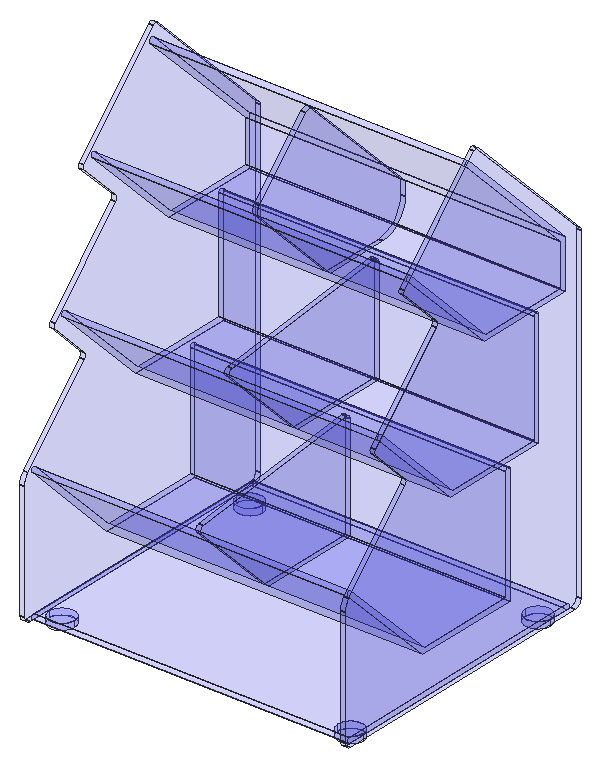
Revit family "QF_Vollrath_CTC-3X2V", category Specialty Equipment, Revit 2016
Family settings
  Part Type = Normal
  Round Connector Dimension = Use Diameter
  OmniClass Number = 23.40.40.14.24
  OmniClass Title = Food Dispensing Equipment
  Work Plane-Based = Yes
  Always vertical = Yes
  Cut with Voids When Loaded = No
  Shared = No
  Room Calculation Point = No
Parameters
  Weight in Pounds = 0
  Watermarked By = ""
  URL Cutsheet = ""
  URL = "www.vollrath.com"
  Specification by User [instance] = ""
  Specification by Manufacturer [instance] = ""
  Serial Number [instance] = ""
  Revision Code [instance] = ""
  NAFEM Spec ID Number [instance] = ""
  Model = "CTC-3X2V"
  Material = QF_Glass-Cast-Clear
  Masterspec [instance] = ""
  Manufacturer = "Vollrath"
  Item Number [instance] = "-"
  Installed By [instance] = ""
  Furnished By [instance] = ""
  Foodservice Equipment Identifier = yes
  Description = "Condiment Stand"
  Default Elevation = 48.00"
  CSI MasterFormat = ""
Reference planes (in)
  plane 1 "BACK": y = 0
  plane 2 "BOTTOM": z = 0
  plane 3 "LEFT": x = -16.56573
  plane 4 "RIGHT": x = -5.28573
  plane 5 "FRONT": y = -10.2287
  plane 6 "BASE TOP": z = 0.2263
  plane 7 "TOP": z = 16.4516
  plane 8 "INSIDE LEFT": x = -16.39573
  plane 9: x = -5.45573
  plane 10: y = -0.3895
  plane 11: y = -9.8387
  plane 12: y = -0.5489
  plane 13: y = -9.6787
  plane 14 "Tip Top": y = -4.4493
  plane 15: y = -4.5382
  plane 16: y = -7.2336
  plane 17: y = -7.3236
  plane 18: y = -8.4583
  plane 19: y = -8.5483
  plane 20: z = 11.8431
  plane 21 "Top Front": y = -7.7335
  plane 22 "Mid Front": y = -8.9709
  plane 23: z = 4.7477
  plane 24: z = 4.7477
  plane 25: z = 5.9186
  plane 26: z = 10.3295
  plane 27: z = 6.1086
  plane 28: z = 10.1395
  plane 29: y = -0.4864
  plane 30: y = -0.6739
  plane 31: y = -1.6299
  plane 32: y = -1.8199
  plane 33: y = -2.8673
  plane 34: y = -3.0573
  plane 35: through (-240, -5.99427, 12.13639) normal (0, 0.7071, 0.7071)
  plane 36: through (-240, -5.66658, 12.07386) normal (0, 0.7071, 0.7071)
  plane 37: through (-240, -3.17905, 14.5614) normal (0, 0.7071, 0.7071)
  plane 38: through (-240, -3.0634, 14.17705) normal (0, 0.7071, 0.7071)
  plane 39: through (-240, -7.351, 7.83625) normal (0, 0.7071, 0.7071)
  plane 40: through (-240, -7.02331, 7.77373) normal (0, 0.7071, 0.7071)
  plane 41: z = 1.5851
  plane 42: z = 1.7751
  plane 43: through (-240, -8.5884, 3.50275) normal (0, 0.7071, 0.7071)
  plane 44: through (-240, -8.26071, 3.44023) normal (0, 0.7071, 0.7071)
  plane 45: x = -10.92573
  plane 46: x = -11.01073
  plane 47 "Center Right": x = -10.84073
Forms (in)
  Extrusion 1, solid, material "QF_Glass-Cast-Clear" <- "Material"
    sketch origin (0, 0, 0) x (1, 0, 0) y (0, 1, 0)
      loop
        circle (-15.93026, -9.1882) r 0.44
      loop
        circle (-5.93026, -9.1882) r 0.44
      loop
        circle (-15.93026, -1.0632) r 0.44
      loop
        circle (-5.93026, -1.0632) r 0.44
    from 0 to 0.2263
  Extrusion 2, solid, material "QF_Glass-Cast-Clear" <- "Material"
    sketch origin (-16.56573, 0, 0) x (0, 1, 0) y (0, 0, 1)
      loop
        line (-9.9787, 0.2263) -> (-0.25, 0.2263)
        arc (-0.25, 0.2263) -> (-0.07322, 0.29952) -> (0, 0.4763) r 0.25
        line (0, 0.4763) -> (0, 11.90008)
        arc (0, 11.90008) -> (-0.01141, 11.95745) -> (-0.04391, 12.00608) r 0.14991
        line (-0.04391, 12.00608) -> (-4.43667, 16.39885)
        arc (-4.43667, 16.39885) -> (-4.54272, 16.44278) -> (-4.64876, 16.39885) r 0.14997
        line (-4.64876, 16.39885) -> (-7.66152, 13.38609)
        arc (-7.66152, 13.38609) -> (-7.69405, 13.30757) -> (-7.66152, 13.22905) r 0.11104
        line (-7.66152, 13.22905) -> (-6.28156, 11.84909)
        arc (-6.28156, 11.84909) -> (-6.23667, 11.74071) -> (-6.28156, 11.63233) r 0.15327
        line (-6.28156, 11.63233) -> (-8.90138, 9.01252)
        arc (-8.90138, 9.01252) -> (-8.9429, 8.91229) -> (-8.90138, 8.81205) r 0.14175
        line (-8.90138, 8.81205) -> (-7.63829, 7.54897)
        arc (-7.63829, 7.54897) -> (-7.5934, 7.44058) -> (-7.63829, 7.33219) r 0.15328
        line (-7.63829, 7.33219) -> (-10.08225, 4.88824)
        arc (-10.08225, 4.88824) -> (-10.19064, 4.72602) -> (-10.2287, 4.53468) r 0.5
        line (-10.2287, 4.53468) -> (-10.2287, 0.4763)
        arc (-10.2287, 0.4763) -> (-10.15548, 0.29952) -> (-9.9787, 0.2263) r 0.25
    from 0 to 0.17
  Extrusion 3, solid, material "QF_Glass-Cast-Clear" <- "Material"
    sketch origin (-10.95573, 0, 0) x (0, 1, 0) y (0, 0, 1)
      loop
        line (-9.9787, 0.2263) -> (-0.25, 0.2263)
        arc (-0.25, 0.2263) -> (-0.07322, 0.29952) -> (0, 0.4763) r 0.25
        line (0, 0.4763) -> (0, 11.90008)
        arc (0, 11.90008) -> (-0.01141, 11.95745) -> (-0.04391, 12.00608) r 0.14991
        line (-0.04391, 12.00608) -> (-4.43667, 16.39885)
        arc (-4.43667, 16.39885) -> (-4.54272, 16.44278) -> (-4.64876, 16.39885) r 0.14997
        line (-4.64876, 16.39885) -> (-7.66152, 13.38609)
        arc (-7.66152, 13.38609) -> (-7.69405, 13.30757) -> (-7.66152, 13.22905) r 0.11104
        line (-7.66152, 13.22905) -> (-6.28156, 11.84909)
        arc (-6.28156, 11.84909) -> (-6.23667, 11.74071) -> (-6.28156, 11.63233) r 0.15327
        line (-6.28156, 11.63233) -> (-8.90138, 9.01252)
        arc (-8.90138, 9.01252) -> (-8.9429, 8.91229) -> (-8.90138, 8.81205) r 0.14175
        line (-8.90138, 8.81205) -> (-7.63829, 7.54897)
        arc (-7.63829, 7.54897) -> (-7.5934, 7.44058) -> (-7.63829, 7.33219) r 0.15328
        line (-7.63829, 7.33219) -> (-10.08225, 4.88824)
        arc (-10.08225, 4.88824) -> (-10.19064, 4.72602) -> (-10.2287, 4.53468) r 0.5
        line (-10.2287, 4.53468) -> (-10.2287, 0.4763)
        arc (-10.2287, 0.4763) -> (-10.15548, 0.29952) -> (-9.9787, 0.2263) r 0.25
    from 5.5 to 5.67
  Extrusion 4, solid, material "QF_Glass-Cast-Clear" <- "Material"
    sketch origin (-16.39573, 0, 0) x (0, 1, 0) y (0, 0, 1)
      loop
        line (-7.3236, 13.46572) -> (-3.99738, 10.1395) -> (-0.4864, 10.1395) -> (-0.4864, 11.86875) -> (-4.6664, 16.04875)
        arc (-4.6664, 16.04875) -> (-4.80075, 16.04875) -> (-4.80075, 15.9144) r 0.095
        line (-4.80075, 15.9144) -> (-0.6739, 11.78755) -> (-0.6739, 10.3295) -> (-3.92221, 10.3295) -> (-7.19102, 13.5983)
        arc (-7.19102, 13.5983) -> (-7.3236, 13.5983) -> (-7.3236, 13.46572) r 0.09375
      loop
        arc (-1.6299, 9.95603) -> (-1.7249, 10.05103) -> (-1.8199, 9.95603) r 0.095
        line (-1.8199, 9.95603) -> (-1.8199, 6.1086) -> (-5.35818, 6.1086) -> (-8.46092, 9.21134)
        arc (-8.46092, 9.21134) -> (-8.59351, 9.21134) -> (-8.59351, 9.07876) r 0.09375
        line (-8.59351, 9.07876) -> (-5.43335, 5.9186) -> (-1.6299, 5.9186) -> (-1.6299, 9.95603)
      loop
        arc (-2.8673, 5.69899) -> (-2.9623, 5.79399) -> (-3.0573, 5.69899) r 0.095
        line (-3.0573, 5.69899) -> (-3.0573, 1.7751) -> (-6.59558, 1.7751) -> (-9.77118, 4.9507)
        arc (-9.77118, 4.9507) -> (-9.90377, 4.9507) -> (-9.90377, 4.81812) r 0.09375
        line (-9.90377, 4.81812) -> (-6.67075, 1.5851) -> (-2.8673, 1.5851) -> (-2.8673, 5.69899)
    from 0 to 10.94
  Extrusion 5, solid, material "QF_Glass-Cast-Clear" <- "Material"
    sketch origin (-16.39573, 0, 0) x (0, 1, 0) y (0, 0, 1)
      loop
        arc (-0.3895, 0.2263) -> (-0.29807, 0.31773) -> (-0.3895, 0.40916) r 0.09143
        line (-0.3895, 0.40916) -> (-9.8387, 0.40916)
        arc (-9.8387, 0.40916) -> (-9.93013, 0.31773) -> (-9.8387, 0.2263) r 0.09143
        line (-9.8387, 0.2263) -> (-0.3895, 0.2263)
    from 0 to 10.94
  Extrusion 6, solid, material "QF_Glass-Cast-Clear" <- "Material"
    sketch origin (-10.84073, 0, 0) x (0, 1, 0) y (0, 0, 1)
      loop
        line (-5.35818, 6.1086) -> (-1.8199, 6.1086) -> (-1.8199, 9.76272)
        arc (-1.8199, 9.76272) -> (-1.87754, 9.89157) -> (-2.01201, 9.93449) r 0.17285
        line (-2.01201, 9.93449) -> (-8.18315, 9.24249)
        arc (-8.18315, 9.24249) -> (-8.29511, 9.15327) -> (-8.26327, 9.01369) r 0.13452
        line (-8.26327, 9.01369) -> (-5.35818, 6.1086)
    from 0 to -0.17
  Extrusion 7, solid, material "QF_Glass-Cast-Clear" <- "Material"
    sketch origin (-10.84073, -1.2374, -4.3335) x (0, 1, 0) y (0, 0, 1)
      loop
        line (-5.35818, 6.1086) -> (-1.8199, 6.1086) -> (-1.8199, 9.76272)
        arc (-1.8199, 9.76272) -> (-1.87754, 9.89157) -> (-2.01201, 9.93449) r 0.17285
        line (-2.01201, 9.93449) -> (-8.18315, 9.24249)
        arc (-8.18315, 9.24249) -> (-8.29511, 9.15327) -> (-8.26327, 9.01369) r 0.13452
        line (-8.26327, 9.01369) -> (-5.35818, 6.1086)
    from 0 to -0.17
  Extrusion 8, solid, material "QF_Glass-Cast-Clear"
    sketch origin (-10.84073, 0, 0) x (0, 1, 0) y (0, 0, 1)
      loop
        line (-0.6739, 11.78839) -> (-4.67507, 15.78956)
        arc (-4.67507, 15.78956) -> (-4.83742, 15.85681) -> (-4.99976, 15.78956) r 0.22959
        line (-4.99976, 15.78956) -> (-6.99176, 13.79756)
        arc (-6.99176, 13.79756) -> (-7.07429, 13.5983) -> (-6.99176, 13.39905) r 0.28179
        line (-6.99176, 13.39905) -> (-3.92221, 10.3295) -> (-1.63092, 10.3295)
        arc (-1.63092, 10.3295) -> (-0.9542, 10.6098) -> (-0.6739, 11.28652) r 0.95702
        line (-0.6739, 11.28652) -> (-0.6739, 11.78839)
    from 0 to -0.17
Lines and regions (in)
  symbolic lines
    curve 1: line (-16.56573, 0, 0) -> (-16.39573, 0, 0)
    curve 2: line (-16.56573, -10.2287, 0) -> (-16.56573, 0, 0)
    curve 3: line (-16.39573, -10.2287, 0) -> (-16.56573, -10.2287, 0)
    curve 4: line (-16.39573, 0, 0) -> (-16.39573, -10.2287, 0)
    curve 5: line (-16.39573, -1.8199, 0) -> (-5.45573, -1.8199, 0)
    curve 6: line (-5.45573, -1.6299, 0) -> (-16.39573, -1.6299, 0)
    curve 7: line (-5.45573, 0, 0) -> (-5.28573, 0, 0)
    curve 8: line (-5.45573, -10.2287, 0) -> (-5.45573, 0, 0)
    curve 9: line (-5.28573, -10.2287, 0) -> (-5.45573, -10.2287, 0)
    curve 10: line (-5.28573, 0, 0) -> (-5.28573, -10.2287, 0)
    curve 11: line (-16.39573, -1.8199, 0) -> (-5.45573, -1.8199, 0)
    curve 12: line (-5.45573, -1.6299, 0) -> (-16.39573, -1.6299, 0)
    curve 13: line (-16.39573, -6.59558, 0) -> (-5.45573, -6.59558, 0)
    curve 14: line (-16.39573, -6.67075, 0) -> (-5.45573, -6.67075, 0)
    curve 15: line (-16.39573, -5.43335, 0) -> (-5.45573, -5.43335, 0)
    curve 16: line (-16.39573, -1.8199, 0) -> (-5.45573, -1.8199, 0)
    curve 17: line (-5.45573, -1.6299, 0) -> (-16.39573, -1.6299, 0)
    curve 18: line (-16.39573, -3.0573, 0) -> (-5.45573, -3.0573, 0)
    curve 19: line (-5.45573, -2.8673, 0) -> (-16.39573, -2.8673, 0)
    curve 20: line (-16.39573, -9.93502, 0) -> (-5.45573, -9.93502, 0)
    curve 21: line (-5.45573, -0.4864, 0) -> (-16.39573, -0.4864, 0)
    curve 22: line (-5.45573, -0.4864, 0) -> (-16.39573, -0.4864, 0)
Dimensions and locks (in)
  locked: plane 3 "LEFT" to plane 4 "RIGHT" at 11.28
  locked: plane 5 "FRONT" to plane 1 "BACK" at 10.2287
  locked: plane 6 "BASE TOP" to level at 0.2263
  plane 7 "TOP" to plane 6 "BASE TOP" = 16.2253"
  locked: plane 3 "LEFT" to plane 8 "INSIDE LEFT" at 0.17
  locked: plane 9 to plane 4 "RIGHT" at 0.17
  locked: plane 1 "BACK" to plane 10 at 0.3895
  locked: plane 11 to plane 5 "FRONT" at 0.39
  locked: plane 10 to plane 12 at 0.1594
  locked: plane 13 to plane 11 at 0.16
  locked: plane 12 to plane 14 "Tip Top" at 3.9004
  locked: plane 14 "Tip Top" to plane 15 at 0.0889
  locked: plane 15 to plane 16 at 2.6954
  locked: plane 16 to plane 17 at 0.09
  plane 17 to plane 18 = 1.1347"
  locked: plane 18 to plane 19 at 0.09
  locked: plane 20 to level at 11.8431
  locked: plane 14 "Tip Top" to plane 21 "Top Front" at 3.2842
  locked: plane 21 "Top Front" to plane 22 "Mid Front" at 1.2374
  locked: plane 23 to level at 4.7477
  locked: plane 25 to level at 5.9186
  locked: plane 26 to level at 10.3295
  locked: plane 27 to plane 25 at 0.19
  locked: plane 26 to plane 28 at 0.19
  locked: plane 1 "BACK" to plane 29 at 0.4864
  plane 29 to plane 30 = 0.1875"
  plane 1 "BACK" to plane 31 = 1.6299"
  plane 31 to plane 32 = 0.19"
  locked: Extrusion 2 to plane 33 at 2.8673
  plane 33 to plane 34 = 0.19"
  locked: plane 35 to Extrusion 2 at 0.4063
  locked: plane 36 to plane 35 at 0.1875
  locked: Extrusion 2 to plane 37 at 0.41
  locked: plane 37 to plane 38 at 0.19
  locked: plane 40 to plane 39 at 0.1875
  locked: plane 42 to plane 41 at 0.19
  locked: plane 44 to plane 43 at 0.1875
  equal spacing: plane 3 "LEFT", plane 45, plane 4 "RIGHT"
  locked: plane 46 to plane 45 at 0.085
  plane 45 to plane 47 "Center Right" = 0.085"
  radius of Extrusion 1 sketch curve = 0.44"
  aligned and locked: level to plane 2 "BOTTOM"
  aligned and locked: plane 6 "BASE TOP" to Extrusion 1
  aligned and locked: plane 8 "INSIDE LEFT" to Extrusion 2
  aligned and locked: plane 4 "RIGHT" to Extrusion 3
  aligned and locked: Extrusion 3 to plane 9
  aligned and locked: plane 26 to Extrusion 4 sketch curve
  aligned and locked: plane 37 to Extrusion 4 sketch curve
  aligned and locked: plane 30 to Extrusion 4 sketch curve
  aligned and locked: Extrusion 4 sketch curve to plane 43
  aligned and locked: plane 9 to Extrusion 4
  aligned and locked: plane 9 to Extrusion 5
  aligned and locked: curve 1 to Extrusion 2
  aligned and locked: curve 2 to Extrusion 2
  aligned and locked: curve 3 to Extrusion 2
  aligned and locked: curve 4 to Extrusion 2
  aligned and locked: curve 5 to Extrusion 4
  aligned and locked: curve 6 to Extrusion 4
  aligned and locked: curve 7 to Extrusion 3
  aligned and locked: curve 8 to Extrusion 3
  aligned and locked: curve 9 to Extrusion 3
  aligned and locked: curve 10 to Extrusion 3
  aligned and locked: curve 11 to Extrusion 4
  aligned and locked: curve 12 to Extrusion 4
  aligned and locked: curve 13 to Extrusion 4
  aligned and locked: curve 14 to Extrusion 4
  aligned and locked: curve 16 to Extrusion 4
  aligned and locked: curve 17 to Extrusion 4
  aligned and locked: curve 21 to Extrusion 4
  aligned and locked: curve 22 to Extrusion 4
  aligned and locked: Extrusion 6 to plane 46
  aligned and locked: Extrusion 8 to plane 46
Automatic sketch dimensions
  plane 34 to curve 18 = 0.00"
  plane 33 to curve 19 = 0.00"
  curve 20 to plane 11 = 0.09632"
  curve 15 to plane 15 = 0.89515"
  plane 8 "INSIDE LEFT" to Extrusion 1 sketch curve = 0.46546"  (x2)
  Extrusion 1 sketch curve to plane 22 "Mid Front" = 0.2173"  (x2)
  Extrusion 1 sketch curve to plane 9 = 0.47454"  (x2)
  plane 30 to Extrusion 1 sketch curve = 0.3893"  (x2)
  Extrusion 2 sketch curve to plane 5 "FRONT" = 0.00"
  Extrusion 2 sketch curve to plane 6 "BASE TOP" = 0.00"
  Extrusion 2 sketch curve to plane 1 "BACK" = 0.00"
  plane 5 "FRONT" to Extrusion 2 sketch curve = 0.14645"
  Extrusion 2 sketch curve to plane 11 = 0.14"
  Extrusion 2 sketch curve to plane 13 = 0.05"
  plane 22 "Mid Front" to Extrusion 2 sketch curve = 0.06952"  (x2)
  Extrusion 2 sketch curve to Extrusion 2 sketch curve = 0.10023"  (x2)
  Extrusion 2 sketch curve to plane 21 "Top Front" = 0.01318"
  plane 21 "Top Front" to Extrusion 2 sketch curve = 0.07198"  (x2)
  plane 21 "Top Front" to Extrusion 2 sketch curve = 0.09521"  (x2)
  Extrusion 2 sketch curve to Extrusion 2 sketch curve = 0.07852"  (x2)
  Extrusion 2 sketch curve to plane 20 = 0.10239"
  plane 16 to Extrusion 2 sketch curve = 0.84366"
  Extrusion 2 sketch curve to plane 20 = 0.21077"
  Extrusion 2 sketch curve to Extrusion 2 sketch curve = 0.10838"
  plane 20 to Extrusion 2 sketch curve = 0.00599"
  Extrusion 2 sketch curve to plane 7 "TOP" = 0.05275"
  Extrusion 2 sketch curve to plane 15 = 0.11056"
  Extrusion 2 sketch curve to plane 15 = 0.00452"
  plane 14 "Tip Top" to Extrusion 2 sketch curve = 0.01263"
  plane 10 to Extrusion 2 sketch curve = 0.1395"
  plane 20 to Extrusion 2 sketch curve = 0.05698"
  Extrusion 2 sketch curve to Extrusion 2 sketch curve = 0.14991"
  plane 1 "BACK" to Extrusion 2 sketch curve = 0.04391"
  Extrusion 2 sketch curve to plane 23 = 0.21302"
  plane 27 to Extrusion 2 sketch curve = 1.22359"
  Extrusion 2 sketch curve to Extrusion 2 sketch curve = 0.10839"
  Extrusion 2 sketch curve to plane 28 = 1.32745"
  plane 20 to Extrusion 2 sketch curve = 1.38595"
  Extrusion 2 sketch curve to Extrusion 2 sketch curve = 0.10604"
  Extrusion 3 sketch curve to plane 5 "FRONT" = 0.00"
  Extrusion 3 sketch curve to plane 6 "BASE TOP" = 0.00"
  Extrusion 3 sketch curve to plane 1 "BACK" = 0.00"
  plane 5 "FRONT" to Extrusion 3 sketch curve = 0.14645"
  Extrusion 3 sketch curve to plane 11 = 0.14"
  Extrusion 3 sketch curve to plane 13 = 0.05"
  plane 22 "Mid Front" to Extrusion 3 sketch curve = 0.06952"  (x2)
  Extrusion 3 sketch curve to Extrusion 3 sketch curve = 0.10023"  (x2)
  Extrusion 3 sketch curve to plane 21 "Top Front" = 0.01318"
  plane 21 "Top Front" to Extrusion 3 sketch curve = 0.07198"  (x2)
  plane 21 "Top Front" to Extrusion 3 sketch curve = 0.09521"  (x2)
  Extrusion 3 sketch curve to Extrusion 3 sketch curve = 0.07852"  (x2)
  Extrusion 3 sketch curve to plane 20 = 0.10239"
  plane 16 to Extrusion 3 sketch curve = 0.84366"
  Extrusion 3 sketch curve to plane 20 = 0.21077"
  Extrusion 3 sketch curve to Extrusion 3 sketch curve = 0.10838"
  plane 20 to Extrusion 3 sketch curve = 0.00599"
  Extrusion 3 sketch curve to plane 7 "TOP" = 0.05275"
  Extrusion 3 sketch curve to plane 15 = 0.11056"
  Extrusion 3 sketch curve to plane 15 = 0.00452"
  plane 14 "Tip Top" to Extrusion 3 sketch curve = 0.01263"
  plane 10 to Extrusion 3 sketch curve = 0.1395"
  plane 20 to Extrusion 3 sketch curve = 0.05698"
  Extrusion 3 sketch curve to Extrusion 3 sketch curve = 0.14991"
  plane 1 "BACK" to Extrusion 3 sketch curve = 0.04391"
  Extrusion 3 sketch curve to plane 24 = 0.21302"
  plane 27 to Extrusion 3 sketch curve = 1.22359"
  Extrusion 3 sketch curve to Extrusion 3 sketch curve = 0.10839"
  Extrusion 3 sketch curve to plane 28 = 1.32745"
  plane 20 to Extrusion 3 sketch curve = 1.38595"
  Extrusion 3 sketch curve to Extrusion 3 sketch curve = 0.10604"
  Extrusion 4 sketch curve to plane 44 = 0.00"  (x2)
  Extrusion 4 sketch curve to plane 39 = 0.00"  (x2)
  Extrusion 4 sketch curve to plane 40 = 0.00"  (x2)
  Extrusion 4 sketch curve to plane 17 = 0.00"
  Extrusion 4 sketch curve to plane 36 = 0.00"  (x2)
  Extrusion 4 sketch curve to plane 41 = 0.00"
  Extrusion 4 sketch curve to plane 42 = 0.00"
  Extrusion 4 sketch curve to plane 25 = 0.00"
  Extrusion 4 sketch curve to plane 27 = 0.00"
  Extrusion 4 sketch curve to plane 38 = 0.00"
  Extrusion 4 sketch curve to plane 28 = 0.00"
  Extrusion 4 sketch curve to plane 35 = 0.00"  (x2)
  Extrusion 4 sketch curve to plane 34 = 0.00"
  Extrusion 4 sketch curve to plane 33 = 0.00"
  Extrusion 4 sketch curve to plane 32 = 0.00"
  Extrusion 4 sketch curve to plane 31 = 0.00"
  Extrusion 4 sketch curve to plane 29 = 0.00"
  plane 38 to Extrusion 4 sketch curve = 0.00"
  Extrusion 4 sketch curve to plane 18 = 0.00262"
  plane 19 to Extrusion 4 sketch curve = 0.02109"
  Extrusion 4 sketch curve to plane 19 = 0.04521"
  plane 11 to Extrusion 4 sketch curve = 0.06752"
  plane 11 to Extrusion 4 sketch curve = 0.00123"
  Extrusion 4 sketch curve to plane 11 = 0.06507"
  Extrusion 4 sketch curve to plane 16 = 0.02371"
  plane 16 to Extrusion 4 sketch curve = 0.04258"
  Extrusion 4 sketch curve to plane 15 = 0.26255"
  Extrusion 4 sketch curve to Extrusion 4 sketch curve = 0.06718"  (x2)
  Extrusion 4 sketch curve to plane 25 = 0.21961"
  Extrusion 4 sketch curve to plane 28 = 0.18347"
  Extrusion 5 sketch curve to plane 6 "BASE TOP" = 0.00"
  Extrusion 5 sketch curve to plane 11 = 0.00"
  Extrusion 5 sketch curve to plane 10 = 0.00"
  Extrusion 5 sketch curve to Extrusion 5 sketch curve = 0.09143"
  Extrusion 6 sketch curve to plane 40 = 0.00"  (x2)
  Extrusion 6 sketch curve to plane 27 = 0.00"
  Extrusion 6 sketch curve to plane 32 = 0.00"
  plane 18 to Extrusion 6 sketch curve = 0.29014"
  Extrusion 6 sketch curve to Extrusion 6 sketch curve = 0.01499"
  Extrusion 6 sketch curve to Extrusion 6 sketch curve = 0.09512"  (x2)
  plane 32 to Extrusion 6 sketch curve = 0.19211"
  Extrusion 6 sketch curve to Extrusion 6 sketch curve = 0.01926"
  Extrusion 6 sketch curve to plane 28 = 0.37678"
  Extrusion 7 sketch curve to plane 44 = 0.00"  (x2)
  Extrusion 7 sketch curve to plane 42 = 0.00"
  Extrusion 7 sketch curve to plane 34 = 0.00"
  plane 13 to Extrusion 7 sketch curve = 0.27314"
  Extrusion 7 sketch curve to Extrusion 7 sketch curve = 0.01499"
  Extrusion 7 sketch curve to Extrusion 7 sketch curve = 0.09512"  (x2)
  plane 34 to Extrusion 7 sketch curve = 0.19211"
  Extrusion 7 sketch curve to Extrusion 7 sketch curve = 0.01926"
  Extrusion 7 sketch curve to plane 25 = 0.48938"
  Extrusion 8 sketch curve to plane 36 = 0.00"  (x2)
  Extrusion 8 sketch curve to plane 26 = 0.00"
  Extrusion 8 sketch curve to plane 30 = 0.00"
  Extrusion 8 sketch curve to plane 15 = 0.13687"
  Extrusion 8 sketch curve to Extrusion 8 sketch curve = 0.16235"  (x3)
  plane 16 to Extrusion 8 sketch curve = 0.4411"
  plane 16 to Extrusion 8 sketch curve = 0.24184"  (x2)
  plane 31 to Extrusion 8 sketch curve = 0.00102"
  Extrusion 8 sketch curve to plane 20 = 0.05471"
  Extrusion 8 sketch curve to Extrusion 8 sketch curve = 0.19926"
  Extrusion 8 sketch curve to plane 7 "TOP" = 0.82439"
  radius of Extrusion 1 sketch curve = 0.44"  (x3)
